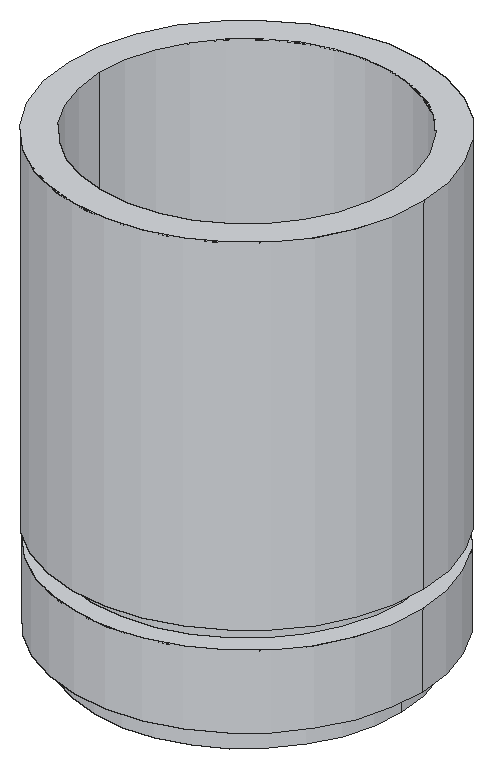
Revit family "PAM20W", category Generic Models, Revit 2017
Family settings
  Can host rebar = No
  Round Connector Dimension = Use Diameter
  Part Type = Normal
  Work Plane-Based = Yes
  Always vertical = No
  Cut with Voids When Loaded = No
  Shared = No
  Room Calculation Point = No
Parameters (values of type "NBS Standard Parameters")
  Weight = "0.008Kg"
  WarrantyStartDate [instance] = "1900-12-31T23:59:59"
  WarrantyGuarantorParts = "n/a"
  WarrantyGuarantorLabor = "n/a"
  WarrantyDurationUnit = "1 year"
  WarrantyDurationParts = "n/a"
  WarrantyDurationLabor = "n/a"
  WarrantyDescription = "n/a"
  Version = "1"
  Uniclass2 = "Pr_65_70_11_20"
  TagNumber [instance] = "n/a"
  SustainabilityPerformance = "n/a"
  Size = "20mm"
  Shape = "Circular"
  SerialNumber [instance] = "n/a"
  Revision = "n/a"
  ReplacementCost = "n/a"
  ProductInformation = "www.metpro.co.uk/pdf/pam20w.pdf"
  NominalWidth = 24 mm
  NominalLength = 24 mm
  NominalHeight = 32 mm
  Name = ""
  NBSTypeID = ""
  NBSReference = "90-55-10/460"
  NBSOfficeMasterTag = ""
  NBSNote = ""
  NBSDescription = "Conduit Fittings"
  NBSCertification = ""
  ModelReference = "PAM20W"
  ModelNumber = "n/a"
  Material = "PVC"
  ManufacturerURL = "www.metpro.co.uk"
  ManufacturerName = "Metpro Ltd"
  Keynote = "Manufactured to BS4607 Part 1"
  InstallationDate [instance] = "1900-12-31T23:59:59"
  IfcExportType = ""
  IfcExportAs = ""
  Grade = "n/a"
  Finish = "White"
  Features = "n/a"
  ExpectedLife = "n/a"
  DurationUnit = "year"
  Description = "PAM20W - 20mm Male Adaptor"
  Default Elevation = 1219.2 mm
  Constituents = "n/a"
  Color = "n/a"
  CodePerformance = "n/a"
  Category = "n/a"
  BarCode [instance] = "n/a"
  BIMObjectName = "Metpro_Metprolibrary_Conduitfittings_PVCcomponents_accessory"
  Author = "Metpro Ltd"
  AssetType = ""
  AssetIdentifier [instance] = "n/a"
  AccessibilityPerformance = "n/a"
Reference planes
  plane 1 "Center (Front/Back)": y = 0
  plane 2: z = 0
  plane 3 "Center (Left/Right)": x = 0
Forms (mm)
  Extrusion 1, solid
    sketch origin (-75.996, 46.494, 56.74) x (0, -1, 0) y (1, 0, 0)
      loop
        circle (15.717, 18.298) r 12
      loop
        circle (15.717, 18.298) r 10
    from 0 to 23.5
  Extrusion 2, solid
    sketch origin (-75.996, 46.494, 56.74) x (0, -1, 0) y (1, 0, 0)
      loop
        circle (15.717, 18.298) r 9.5
      loop
        circle (15.717, 18.298) r 10.5
    from 0 to -8
  Extrusion 3, solid
    sketch origin (-75.996, 46.494, 56.74) x (0, -1, 0) y (1, 0, 0)
      loop
        circle (15.717, 18.298) r 10.6
      loop
        circle (15.717, 18.298) r 11.9
    from -1.269 to -6.269
Dimensions and locks
  aligned and locked: level to plane 2
